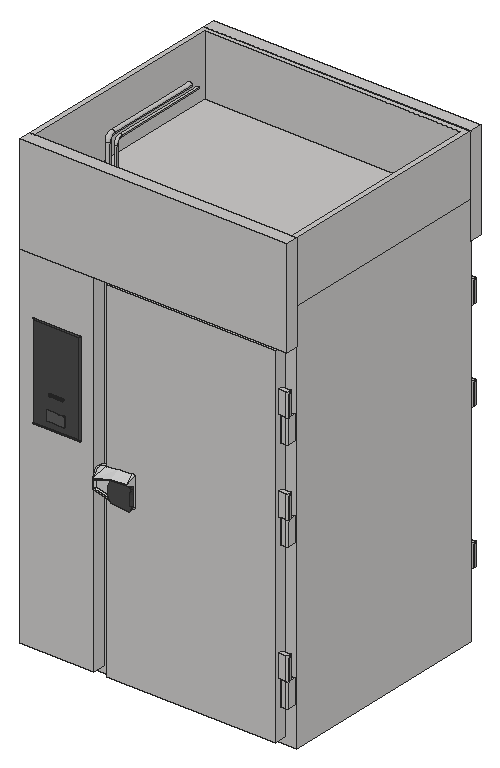
Revit family "QF_ALPENINOX_729261_ABFA22RPE", category Specialty Equipment, Revit 2018
Family settings
  Round Connector Dimension = Use Radius
  Part Type = Normal
  Work Plane-Based = No
  Always vertical = Yes
  Cut with Voids When Loaded = No
  Shared = Yes
  Room Calculation Point = No
Parameters (values of type "QF_ALPENINOX_729261_ABFA22RPE.rfa")
  Weight = 438.00 kg
  Watts = 209.032 W
  Volts = 380 V
  URL Manufacturer = "http://www.alpeninox.com"
  URL = "http://www.alpeninox.com"
  Steam Supply Size = 0"
  Steam Supply Minimum Pressure = 0.00 psi
  Steam Supply Maximum Pressure = 0.00 psi
  Steam Pounds per Hour = 0
  Show Logo [instance] = yes
  Refrigeration Suction Line Size = 0.03937"
  Refrigeration Liquid Line Size = 0.07218"
  Refrigerant Compressor Remote = yes
  Phase = 3
  Model = "ABFA22RPE"
  Manufacturer = "Alpeninox"
  Length Actual = 1400 mm  # constant formula
  Item Number = "729261"
  Hot Water Size = 0"
  Height Actual = 2270 mm  # constant formula
  HP = "3 HP"
  Gas Size = 0"
  Gas KW = 0
  Gas Input Pressure = 0.0 Btu/h
  Description = "CRIO CHILL BLAST CHILLER FREEZER 200/170KG 20 GN 2/1 - PASS-THROUGH - REMOTE REFRIGERATING UNIT"
  Depth Actual = 1395 mm  # constant formula
  Cycle = 60 Hz
  Condensate Return Size = 0"
  Compressed Air Volume = 0 GPM
  Compressed Air Size = 0"
  Compressed Air Pressure = 0.00 psi
  Cold Water Size = 0"
  Assembly Code = ""
  Show Clearance [instance] = yes
  Accessory = yes
Values of the unnamed type that differ from the named types
  Watts = 0 W
  Volts = 0 V
  URL Manufacturer = ""
  Item Number = ""
  HP = ""
  Cycle = 0 Hz
Reference planes
  plane 1: z = 0
  plane 2 "LEFT": x = 0
  plane 3 "RIGHT": x = 1400
  plane 4 "FRONT": y = -1205
  plane 5 "TOP": z = 2400
  plane 6 "Center Y": x = 700
  plane 7: y = -2155
  plane 8 "BACK": y = 67
  plane 9: y = -569
Forms (mm)
  Extrusion 1, solid, material "QF_Clearance", visible <- "Show Clearance", detail levels coarse
    sketch origin (0, 0, -70) x (1, 0, 0) y (0, 1, 0)
      loop
        line (0, -1205) -> (0, 67) -> (-100, 67) -> (-100, -1205) -> (0, -1205)
      loop
        line (1500, -1205) -> (1500, 67) -> (1400, 67) -> (1400, -1205) -> (1500, -1205)
    from 70 to 2670
  Extrusion 2, solid, material "QF_Finishes_Stainless Steel"
    sketch origin (349.253, 33, 630.991) x (-1, 0, 0) y (0, -1, 0)
      loop
        line (349.253, 1172.759) -> (349.253, 1238) -> (-39.747, 1238) -> (-39.747, 1172.759) -> (349.253, 1172.759)
    from -597 to 1254
  Extrusion 3, solid, material "QF_Finishes_Stainless Steel"
    sketch origin (596.16, 27.971, -70) x (1, 0, 0) y (0, 1, 0)
      loop
        line (743.84, -1172.971) -> (-141.16, -1172.971) -> (-141.16, -1232.971) -> (743.84, -1232.971) -> (743.84, -1172.971)
    from 103.991 to 1945.25
  Extrusion 4, solid, material "QF_Door-Drawer Clearances", visible <- "Show Clearance", detail levels coarse
    sketch origin (875, -72.029, -91.802) x (-1, 0, 0) y (0, -1, 0)
      loop
        line (-465, 2025.971) -> (-465, 1132.971) -> (420, 1132.971)
        arc (420, 1132.971) -> (153.836, 1754.227) -> (-465, 2025.971) r 920
    from 125.793 to 1967.052
  Extrusion 5, solid, material "QF_Finishes_Stainless Steel"
    sketch origin (0, -1139.759, 0) x (0, 1, 0) y (-1, 0, 0)
      loop
        line (1140.759, 0) -> (0.759, 0) -> (0.759, -1400) -> (1140.759, -1400) -> (1140.759, 0)
    from 0 to 2080
  Extrusion 6, solid, material "QF_Finishes_Stainless Steel"
    sketch origin (0, 0, -70) x (0, 1, 0) y (0, 0, 1)
      loop
        line (-1139, 2470) -> (-1205, 2470) -> (-1205, 1956) -> (-1139, 1956) -> (-1139, 2470)
    from 0 to 1400
  Extrusion 7, solid, material "QF_Finishes_Stainless Steel"
    sketch origin (0, -1139.759, 2080) x (0, 1, 0) y (-1, 0, 0)
      loop
        line (1140.759, 0) -> (0.759, 0) -> (0.759, -27.807) -> (1112.952, -27.807) -> (1112.952, -1372.193) -> (0.759, -1372.193) -> (0.759, -1400) -> (1140.759, -1400) -> (1140.759, 0)
    from 0 to 320
  Extrusion 8, solid, material "QF_Clearance", visible <- "Show Clearance", detail levels coarse
    sketch origin (0, 0, 2400) x (-1, 0, 0) y (0, -1, 0)
      loop
        line (0, 1205) -> (-1400, 1205) -> (-1400, -67.029) -> (0, -67.029) -> (0, 1205)
    from 0 to 200
  Extrusion 9, solid, material "QF_Finishes_Stainless Steel"
    sketch origin (-390.239, -0.977, 1172.559) x (1, 0, 0) y (0, 1, 0)
      loop
        line (1730.239, -1159.557) -> (1730.239, -1186.759) -> (1771.078, -1186.759)
        arc (1771.078, -1186.759) -> (1778.149, -1183.83) -> (1781.078, -1176.759) r 10
        line (1781.078, -1176.759) -> (1781.078, -1169.557)
        arc (1781.078, -1169.557) -> (1778.149, -1162.486) -> (1771.078, -1159.557) r 10
        line (1771.078, -1159.557) -> (1730.239, -1159.557)
    from 398 to 516
  Extrusion 10, solid, material "QF_Finishes_Stainless Steel"
    sketch origin (-388.989, -0.977, 1172.559) x (1, 0, 0) y (0, 1, 0)
      loop
        line (1779.828, -1138.023) -> (1738.215, -1138.023) -> (1738.215, -1176.759)
        arc (1738.215, -1176.759) -> (1741.143, -1183.83) -> (1748.215, -1186.759) r 10
        line (1748.215, -1186.759) -> (1769.828, -1186.759)
        arc (1769.828, -1186.759) -> (1776.899, -1183.83) -> (1779.828, -1176.759) r 10
        line (1779.828, -1176.759) -> (1779.828, -1138.023)
    from 269 to 396
  Extrusion 11, solid, material "QF_Finishes_Handrails and Railings"
    sketch origin (0, -1205, -139.705) x (-1, 0, 0) y (0, 0, 1)
      loop
        arc (-455, 1022.346) -> (-433.392, 1027.289) -> (-413, 1035.976) r 124.815
        arc (-413, 1035.976) -> (-402.037, 1046.425) -> (-398, 1061.023) r 28.412
        line (-398, 1061.023) -> (-398, 1124.287)
        arc (-398, 1124.287) -> (-402.037, 1138.885) -> (-413, 1149.334) r 28.412
        arc (-413, 1149.334) -> (-433.392, 1158.021) -> (-455, 1162.964) r 124.815
        line (-455, 1162.964) -> (-455, 1022.346)
    from 0 to 25
  Extrusion 12, solid, material "QF_Finishes_Stainless Steel"
    sketch origin (0, 67, 2400) x (0, 0, -1) y (-1, 0, 0)
      loop
        circle (190.294, -50.191) r 10
    from -2 to 0
  Extrusion 13, solid
    sketch origin (0, 0, -70) x (1, 0, 0) y (0, 1, 0)
      loop
        circle (271, -895) r 12.7
    from 180 to 190
  Sweep 14, solid, material "QF_Finishes_Stainless Steel"
    path in 3D
      loop
        line (196, -872.727, 2090) -> (196, -872.727, 2314.785)
        arc (196, -872.727, 2314.785) -> (196, -863.94, 2335.999) -> (196, -842.727, 2344.785) r 30
        line (196, -842.727, 2344.785) -> (196, -337, 2344.785)
    profile origin (196, -589.864, 2344.785) x (-1, 0, 0) y (0, 0, 1)
      loop
        circle (0, -0.785) r 11
  Sweep 15, solid, material "QF_Finishes_Stainless Steel"
    path in 3D
      loop
        line (239, -337, 2344) -> (239, -842.727, 2344)
        arc (239, -842.727, 2344) -> (239, -863.94, 2335.213) -> (239, -872.727, 2314) r 30
        line (239, -872.727, 2314) -> (239, -872.727, 2090)
    profile origin (239, -589.864, 2344) x (1, 0, 0) y (0, 0, 1)
      loop
        circle (0, 0) r 6
  Extrusion 16, solid, material "QF_Finishes_Stainless Steel"
    sketch origin (0, -1139.759, 2080) x (0, 1, 0) y (-1, 0, 0)
      loop
        line (272.791, -163.68) -> (262.791, -163.68)
        arc (262.791, -163.68) -> (252.185, -168.074) -> (247.791, -178.68) r 15
        line (247.791, -178.68) -> (247.791, -270.358)
        arc (247.791, -270.358) -> (252.185, -280.965) -> (262.791, -285.358) r 15
        line (262.791, -285.358) -> (272.791, -285.358)
        arc (272.791, -285.358) -> (283.398, -280.965) -> (287.791, -270.358) r 15
        line (287.791, -270.358) -> (287.791, -178.68)
        arc (287.791, -178.68) -> (283.398, -168.074) -> (272.791, -163.68) r 15
    from 0 to 10
  Blend 17, solid, material "QF_Finishes_Handrails and Railings"
    base sketch origin (0, -1205, -139.705) x (1, 0, 0) y (0, 0, 1)
      loop
        arc (455, 1162.964) -> (433.392, 1158.021) -> (413, 1149.334) r 124.815
        arc (413, 1149.334) -> (402.037, 1138.885) -> (398, 1124.287) r 28.412
        line (398, 1124.287) -> (398, 1061.023)
        arc (398, 1061.023) -> (402.037, 1046.425) -> (413, 1035.976) r 28.412
        arc (413, 1035.976) -> (433.392, 1027.289) -> (455, 1022.346) r 124.815
        arc (455, 1022.346) -> (524.77, 1014.896) -> (594.859, 1011.587) r 1185.63
        arc (594.859, 1011.587) -> (600.607, 1013.879) -> (603, 1019.586) r 8
        line (603, 1019.586) -> (603, 1165.724)
        arc (603, 1165.724) -> (600.607, 1171.431) -> (594.859, 1173.723) r 8
        arc (594.859, 1173.723) -> (524.77, 1170.414) -> (455, 1162.964) r 1185.63
    top sketch origin (0, -1205, -139.705) x (1, 0, 0) y (0, 0, 1)
      loop
        line (421, 1108.337) -> (421, 1076.973)
        arc (421, 1076.973) -> (423.295, 1069.915) -> (429.302, 1065.557) r 12
        arc (429.302, 1065.557) -> (515.086, 1044.22) -> (603, 1034.974) r 636.459
        line (603, 1034.974) -> (603, 1150.336)
        arc (603, 1150.336) -> (515.086, 1141.09) -> (429.302, 1119.753) r 636.459
        arc (429.302, 1119.753) -> (423.295, 1115.395) -> (421, 1108.337) r 12
    from 0 to 50
  Blend 18, void
    base sketch origin (0, -1255, -139.705) x (-1, 0, 0) y (0, 0, 1)
      loop
        arc (-430.843, 1114.996) -> (-515.866, 1136.151) -> (-603, 1145.333) r 631.459
        line (-603, 1145.333) -> (-603, 1039.977)
        arc (-603, 1039.977) -> (-515.866, 1049.159) -> (-430.843, 1070.314) r 631.459
        arc (-430.843, 1070.314) -> (-427.339, 1072.856) -> (-426, 1076.973) r 7
        line (-426, 1076.973) -> (-426, 1108.337)
        arc (-426, 1108.337) -> (-427.339, 1112.454) -> (-430.843, 1114.996) r 7
    top sketch origin (0, -1255, -139.705) x (-1, 0, 0) y (0, 0, 1)
      loop
        arc (-432.384, 1110.24) -> (-516.647, 1131.211) -> (-603, 1140.33) r 626.459
        line (-603, 1140.33) -> (-603, 1044.98)
        arc (-603, 1044.98) -> (-516.647, 1054.099) -> (-432.384, 1075.07) r 626.459
        arc (-432.384, 1075.07) -> (-431.382, 1075.797) -> (-431, 1076.973) r 2
        line (-431, 1076.973) -> (-431, 1108.337)
        arc (-431, 1108.337) -> (-431.382, 1109.513) -> (-432.384, 1110.24) r 2
    from 0 to 10
  Blend 19, solid, material "QF_Finishes_Black"
    base sketch origin (0, -1245, -139.705) x (1, 0, 0) y (0, 0, 1)
      loop
        arc (628.567, 1043.419) -> (622.014, 1092.655) -> (628.567, 1141.89) r 188.232
        arc (628.567, 1141.89) -> (627.358, 1147.991) -> (621.77, 1150.721) r 7
        arc (621.77, 1150.721) -> (572.304, 1148.509) -> (523.16, 1142.458) r 636.459
        arc (523.16, 1142.458) -> (507.711, 1092.655) -> (523.16, 1042.852) r 88
        arc (523.16, 1042.852) -> (572.304, 1036.801) -> (621.77, 1034.589) r 636.459
        arc (621.77, 1034.589) -> (627.358, 1037.319) -> (628.567, 1043.419) r 7
    top sketch origin (0, -1245, -139.705) x (1, 0, 0) y (0, 0, 1)
      loop
        arc (626.748, 1050.703) -> (622.014, 1092.655) -> (626.748, 1134.607) r 188.232
        arc (626.748, 1134.607) -> (625.775, 1138.85) -> (621.845, 1140.722) r 5
        arc (621.845, 1140.722) -> (569.023, 1138.185) -> (516.603, 1131.203) r 626.459
        arc (516.603, 1131.203) -> (507.711, 1092.655) -> (516.603, 1054.107) r 88
        arc (516.603, 1054.107) -> (569.023, 1047.124) -> (621.845, 1044.588) r 626.459
        arc (621.845, 1044.588) -> (625.775, 1046.46) -> (626.748, 1050.703) r 5
    from 20 to 0
  Extrusion 20, solid, material "QF_Finishes_Stainless Steel"
    sketch origin (-390.239, -0.977, 692.559) x (1, 0, 0) y (0, 1, 0)
      loop
        line (1730.239, -1159.557) -> (1730.239, -1186.759) -> (1771.078, -1186.759)
        arc (1771.078, -1186.759) -> (1778.149, -1183.83) -> (1781.078, -1176.759) r 10
        line (1781.078, -1176.759) -> (1781.078, -1169.557)
        arc (1781.078, -1169.557) -> (1778.149, -1162.486) -> (1771.078, -1159.557) r 10
        line (1771.078, -1159.557) -> (1730.239, -1159.557)
    from 398 to 516
  Extrusion 21, solid, material "QF_Finishes_Stainless Steel"
    sketch origin (-388.989, -0.977, 692.559) x (1, 0, 0) y (0, 1, 0)
      loop
        line (1779.828, -1138.023) -> (1738.215, -1138.023) -> (1738.215, -1176.759)
        arc (1738.215, -1176.759) -> (1741.143, -1183.83) -> (1748.215, -1186.759) r 10
        line (1748.215, -1186.759) -> (1769.828, -1186.759)
        arc (1769.828, -1186.759) -> (1776.899, -1183.83) -> (1779.828, -1176.759) r 10
        line (1779.828, -1176.759) -> (1779.828, -1138.023)
    from 269 to 396
  Extrusion 22, solid, material "QF_Finishes_Stainless Steel"
    sketch origin (-390.239, -0.977, -67.441) x (1, 0, 0) y (0, 1, 0)
      loop
        line (1730.239, -1159.557) -> (1730.239, -1186.759) -> (1771.078, -1186.759)
        arc (1771.078, -1186.759) -> (1778.149, -1183.83) -> (1781.078, -1176.759) r 10
        line (1781.078, -1176.759) -> (1781.078, -1169.557)
        arc (1781.078, -1169.557) -> (1778.149, -1162.486) -> (1771.078, -1159.557) r 10
        line (1771.078, -1159.557) -> (1730.239, -1159.557)
    from 398 to 516
  Extrusion 23, solid, material "QF_Finishes_Stainless Steel"
    sketch origin (-388.989, -0.977, -67.441) x (1, 0, 0) y (0, 1, 0)
      loop
        line (1779.828, -1138.023) -> (1738.215, -1138.023) -> (1738.215, -1176.759)
        arc (1738.215, -1176.759) -> (1741.143, -1183.83) -> (1748.215, -1186.759) r 10
        line (1748.215, -1186.759) -> (1769.828, -1186.759)
        arc (1769.828, -1186.759) -> (1776.899, -1183.83) -> (1779.828, -1176.759) r 10
        line (1779.828, -1176.759) -> (1779.828, -1138.023)
    from 269 to 396
  Extrusion 24, solid, material "QF_Door-Drawer Clearances", visible <- "Show Clearance", detail levels coarse
    sketch origin (167.029, -1956.84, -70) x (0, 1, 0) y (-1, 0, 0)
      loop
        line (751.84, -1172.971) -> (-141.16, -1172.971) -> (-141.16, -1232.971) -> (751.84, -1232.971) -> (751.84, -1172.971)
    from 103.991 to 1945.25
  Extrusion 25, solid, material "QF_Door-Drawer Clearances", visible <- "Show Clearance", detail levels coarse
    sketch origin (1400, -2553, -139.705) x (0, -1, 0) y (0, 0, 1)
      loop
        arc (-455, 1022.346) -> (-433.392, 1027.289) -> (-413, 1035.976) r 124.815
        arc (-413, 1035.976) -> (-402.037, 1046.425) -> (-398, 1061.023) r 28.412
        line (-398, 1061.023) -> (-398, 1124.287)
        arc (-398, 1124.287) -> (-402.037, 1138.885) -> (-413, 1149.334) r 28.412
        arc (-413, 1149.334) -> (-433.392, 1158.021) -> (-455, 1162.964) r 124.815
        line (-455, 1162.964) -> (-455, 1022.346)
    from 0 to 25
  Blend 26, solid, material "QF_Door-Drawer Clearances", visible <- "Show Clearance", detail levels coarse
    base sketch origin (1400, -2553, -139.705) x (0, 1, 0) y (0, 0, 1)
      loop
        arc (455, 1162.964) -> (433.392, 1158.021) -> (413, 1149.334) r 124.815
        arc (413, 1149.334) -> (402.037, 1138.885) -> (398, 1124.287) r 28.412
        line (398, 1124.287) -> (398, 1061.023)
        arc (398, 1061.023) -> (402.037, 1046.425) -> (413, 1035.976) r 28.412
        arc (413, 1035.976) -> (433.392, 1027.289) -> (455, 1022.346) r 124.815
        arc (455, 1022.346) -> (524.77, 1014.896) -> (594.859, 1011.587) r 1185.63
        arc (594.859, 1011.587) -> (600.607, 1013.879) -> (603, 1019.586) r 8
        line (603, 1019.586) -> (603, 1165.724)
        arc (603, 1165.724) -> (600.607, 1171.431) -> (594.859, 1173.723) r 8
        arc (594.859, 1173.723) -> (524.77, 1170.414) -> (455, 1162.964) r 1185.63
    top sketch origin (1400, -2553, -139.705) x (0, 1, 0) y (0, 0, 1)
      loop
        line (421, 1108.337) -> (421, 1076.973)
        arc (421, 1076.973) -> (423.295, 1069.915) -> (429.302, 1065.557) r 12
        arc (429.302, 1065.557) -> (515.086, 1044.22) -> (603, 1034.974) r 636.459
        line (603, 1034.974) -> (603, 1150.336)
        arc (603, 1150.336) -> (515.086, 1141.09) -> (429.302, 1119.753) r 636.459
        arc (429.302, 1119.753) -> (423.295, 1115.395) -> (421, 1108.337) r 12
    from 0 to 50
  Blend 27, void
    base sketch origin (1450, -2553, -139.705) x (0, -1, 0) y (0, 0, 1)
      loop
        arc (-430.843, 1114.996) -> (-515.866, 1136.151) -> (-603, 1145.333) r 631.459
        line (-603, 1145.333) -> (-603, 1039.977)
        arc (-603, 1039.977) -> (-515.866, 1049.159) -> (-430.843, 1070.314) r 631.459
        arc (-430.843, 1070.314) -> (-427.339, 1072.856) -> (-426, 1076.973) r 7
        line (-426, 1076.973) -> (-426, 1108.337)
        arc (-426, 1108.337) -> (-427.339, 1112.454) -> (-430.843, 1114.996) r 7
    top sketch origin (1450, -2553, -139.705) x (0, -1, 0) y (0, 0, 1)
      loop
        arc (-432.384, 1110.24) -> (-516.647, 1131.211) -> (-603, 1140.33) r 626.459
        line (-603, 1140.33) -> (-603, 1044.98)
        arc (-603, 1044.98) -> (-516.647, 1054.099) -> (-432.384, 1075.07) r 626.459
        arc (-432.384, 1075.07) -> (-431.382, 1075.797) -> (-431, 1076.973) r 2
        line (-431, 1076.973) -> (-431, 1108.337)
        arc (-431, 1108.337) -> (-431.382, 1109.513) -> (-432.384, 1110.24) r 2
    from 0 to 10
  Blend 28, solid, material "QF_Door-Drawer Clearances", visible <- "Show Clearance", detail levels coarse
    base sketch origin (1440, -2553, -139.705) x (0, 1, 0) y (0, 0, 1)
      loop
        arc (628.567, 1043.419) -> (622.014, 1092.655) -> (628.567, 1141.89) r 188.232
        arc (628.567, 1141.89) -> (627.358, 1147.991) -> (621.77, 1150.721) r 7
        arc (621.77, 1150.721) -> (572.304, 1148.509) -> (523.16, 1142.458) r 636.459
        arc (523.16, 1142.458) -> (507.711, 1092.655) -> (523.16, 1042.852) r 88
        arc (523.16, 1042.852) -> (572.304, 1036.801) -> (621.77, 1034.589) r 636.459
        arc (621.77, 1034.589) -> (627.358, 1037.319) -> (628.567, 1043.419) r 7
    top sketch origin (1440, -2553, -139.705) x (0, 1, 0) y (0, 0, 1)
      loop
        arc (626.748, 1050.703) -> (622.014, 1092.655) -> (626.748, 1134.607) r 188.232
        arc (626.748, 1134.607) -> (625.775, 1138.85) -> (621.845, 1140.722) r 5
        arc (621.845, 1140.722) -> (569.023, 1138.185) -> (516.603, 1131.203) r 626.459
        arc (516.603, 1131.203) -> (507.711, 1092.655) -> (516.603, 1054.107) r 88
        arc (516.603, 1054.107) -> (569.023, 1047.124) -> (621.845, 1044.588) r 626.459
        arc (621.845, 1044.588) -> (625.775, 1046.46) -> (626.748, 1050.703) r 5
    from 20 to -1
  Extrusion 29, solid, material "QF_Finishes_Stainless Steel"
    sketch origin (349.253, -1171, 630.991) x (-1, 0, 0) y (0, -1, 0)
      loop
        line (349.253, -1172.759) -> (-39.747, -1172.759) -> (-39.747, -1238) -> (349.253, -1238) -> (349.253, -1172.759)
    from -597 to 1254
  Extrusion 30, solid, material "QF_Finishes_Stainless Steel"
    sketch origin (596.16, -1165.971, -70) x (1, 0, 0) y (0, 1, 0)
      loop
        line (743.84, 1172.971) -> (743.84, 1232.971) -> (-141.16, 1232.971) -> (-141.16, 1172.971) -> (743.84, 1172.971)
    from 103.991 to 1945.25
  Extrusion 31, solid, material "QF_Door-Drawer Clearances", visible <- "Show Clearance", detail levels coarse
    sketch origin (875, -1065.971, -91.802) x (-1, 0, 0) y (0, -1, 0)
      loop
        arc (-465, -2025.971) -> (153.836, -1754.227) -> (420, -1132.971) r 920
        line (420, -1132.971) -> (-465, -1132.971) -> (-465, -2025.971)
    from 125.793 to 1967.052
  Extrusion 32, solid, material "QF_Finishes_Stainless Steel"
    sketch origin (0, -1138, -70) x (0, -1, 0) y (0, 0, -1)
      loop
        line (-1139, -2470) -> (-1139, -1956) -> (-1205, -1956) -> (-1205, -2470) -> (-1139, -2470)
    from 0 to 1400
  Extrusion 33, solid, material "QF_Finishes_Stainless Steel"
    sketch origin (-390.239, -1137.023, 1172.559) x (1, 0, 0) y (0, 1, 0)
      loop
        line (1730.239, 1159.557) -> (1771.078, 1159.557)
        arc (1771.078, 1159.557) -> (1778.149, 1162.486) -> (1781.078, 1169.557) r 10
        line (1781.078, 1169.557) -> (1781.078, 1176.759)
        arc (1781.078, 1176.759) -> (1778.149, 1183.83) -> (1771.078, 1186.759) r 10
        line (1771.078, 1186.759) -> (1730.239, 1186.759) -> (1730.239, 1159.557)
    from 398 to 516
  Extrusion 34, solid, material "QF_Finishes_Handrails and Railings"
    sketch origin (0, 67, -139.705) x (-1, 0, 0) y (0, 0, -1)
      loop
        line (-455, -1022.346) -> (-455, -1162.964)
        arc (-455, -1162.964) -> (-433.392, -1158.021) -> (-413, -1149.334) r 124.815
        arc (-413, -1149.334) -> (-402.037, -1138.885) -> (-398, -1124.287) r 28.412
        line (-398, -1124.287) -> (-398, -1061.023)
        arc (-398, -1061.023) -> (-402.037, -1046.425) -> (-413, -1035.976) r 28.412
        arc (-413, -1035.976) -> (-433.392, -1027.289) -> (-455, -1022.346) r 124.815
    from 0 to 25
  Blend 35, solid, material "QF_Finishes_Handrails and Railings"
    base sketch origin (0, 67, -139.705) x (1, 0, 0) y (0, 0, -1)
      loop
        arc (455, -1162.964) -> (524.77, -1170.414) -> (594.859, -1173.723) r 1185.63
        arc (594.859, -1173.723) -> (600.607, -1171.431) -> (603, -1165.724) r 8
        line (603, -1165.724) -> (603, -1019.586)
        arc (603, -1019.586) -> (600.607, -1013.879) -> (594.859, -1011.587) r 8
        arc (594.859, -1011.587) -> (524.77, -1014.896) -> (455, -1022.346) r 1185.63
        arc (455, -1022.346) -> (433.392, -1027.289) -> (413, -1035.976) r 124.815
        arc (413, -1035.976) -> (402.037, -1046.425) -> (398, -1061.023) r 28.412
        line (398, -1061.023) -> (398, -1124.287)
        arc (398, -1124.287) -> (402.037, -1138.885) -> (413, -1149.334) r 28.412
        arc (413, -1149.334) -> (433.392, -1158.021) -> (455, -1162.964) r 124.815
    top sketch origin (0, 67, -139.705) x (1, 0, 0) y (0, 0, -1)
      loop
        arc (421, -1108.337) -> (423.295, -1115.395) -> (429.302, -1119.753) r 12
        arc (429.302, -1119.753) -> (515.086, -1141.09) -> (603, -1150.336) r 636.459
        line (603, -1150.336) -> (603, -1034.974)
        arc (603, -1034.974) -> (515.086, -1044.22) -> (429.302, -1065.557) r 636.459
        arc (429.302, -1065.557) -> (423.295, -1069.915) -> (421, -1076.973) r 12
        line (421, -1076.973) -> (421, -1108.337)
    from 0 to 50
  Blend 36, void
    base sketch origin (0, 117, -139.705) x (-1, 0, 0) y (0, 0, -1)
      loop
        arc (-430.843, -1114.996) -> (-427.339, -1112.454) -> (-426, -1108.337) r 7
        line (-426, -1108.337) -> (-426, -1076.973)
        arc (-426, -1076.973) -> (-427.339, -1072.856) -> (-430.843, -1070.314) r 7
        arc (-430.843, -1070.314) -> (-515.866, -1049.159) -> (-603, -1039.977) r 631.459
        line (-603, -1039.977) -> (-603, -1145.333)
        arc (-603, -1145.333) -> (-515.866, -1136.151) -> (-430.843, -1114.996) r 631.459
    top sketch origin (0, 117, -139.705) x (-1, 0, 0) y (0, 0, -1)
      loop
        arc (-432.384, -1110.24) -> (-431.382, -1109.513) -> (-431, -1108.337) r 2
        line (-431, -1108.337) -> (-431, -1076.973)
        arc (-431, -1076.973) -> (-431.382, -1075.797) -> (-432.384, -1075.07) r 2
        arc (-432.384, -1075.07) -> (-516.647, -1054.099) -> (-603, -1044.98) r 626.459
        line (-603, -1044.98) -> (-603, -1140.33)
        arc (-603, -1140.33) -> (-516.647, -1131.211) -> (-432.384, -1110.24) r 626.459
    from 0 to 10
  Blend 37, solid, material "QF_Finishes_Black"
    base sketch origin (0, 107, -139.705) x (1, 0, 0) y (0, 0, -1)
      loop
        arc (628.567, -1043.419) -> (627.358, -1037.319) -> (621.77, -1034.589) r 7
        arc (621.77, -1034.589) -> (572.304, -1036.801) -> (523.16, -1042.852) r 636.459
        arc (523.16, -1042.852) -> (507.711, -1092.655) -> (523.16, -1142.458) r 88
        arc (523.16, -1142.458) -> (572.304, -1148.509) -> (621.77, -1150.721) r 636.459
        arc (621.77, -1150.721) -> (627.358, -1147.991) -> (628.567, -1141.89) r 7
        arc (628.567, -1141.89) -> (622.014, -1092.655) -> (628.567, -1043.419) r 188.232
    top sketch origin (0, 107, -139.705) x (1, 0, 0) y (0, 0, -1)
      loop
        arc (626.748, -1050.703) -> (625.775, -1046.46) -> (621.845, -1044.588) r 5
        arc (621.845, -1044.588) -> (569.023, -1047.124) -> (516.603, -1054.107) r 626.459
        arc (516.603, -1054.107) -> (507.711, -1092.655) -> (516.603, -1131.203) r 88
        arc (516.603, -1131.203) -> (569.023, -1138.185) -> (621.845, -1140.722) r 626.459
        arc (621.845, -1140.722) -> (625.775, -1138.85) -> (626.748, -1134.607) r 5
        arc (626.748, -1134.607) -> (622.014, -1092.655) -> (626.748, -1050.703) r 188.232
    from 20 to 0
  Extrusion 38, solid, material "QF_Finishes_Stainless Steel"
    sketch origin (-390.239, -1137.023, 692.559) x (1, 0, 0) y (0, 1, 0)
      loop
        line (1730.239, 1159.557) -> (1771.078, 1159.557)
        arc (1771.078, 1159.557) -> (1778.149, 1162.486) -> (1781.078, 1169.557) r 10
        line (1781.078, 1169.557) -> (1781.078, 1176.759)
        arc (1781.078, 1176.759) -> (1778.149, 1183.83) -> (1771.078, 1186.759) r 10
        line (1771.078, 1186.759) -> (1730.239, 1186.759) -> (1730.239, 1159.557)
    from 398 to 516
  Extrusion 39, solid, material "QF_Finishes_Stainless Steel"
    sketch origin (-390.239, -1137.023, -67.441) x (1, 0, 0) y (0, 1, 0)
      loop
        line (1730.239, 1159.557) -> (1771.078, 1159.557)
        arc (1771.078, 1159.557) -> (1778.149, 1162.486) -> (1781.078, 1169.557) r 10
        line (1781.078, 1169.557) -> (1781.078, 1176.759)
        arc (1781.078, 1176.759) -> (1778.149, 1183.83) -> (1771.078, 1186.759) r 10
        line (1771.078, 1186.759) -> (1730.239, 1186.759) -> (1730.239, 1159.557)
    from 398 to 516
  Extrusion 40, solid, material "QF_Door-Drawer Clearances", visible <- "Show Clearance", detail levels coarse
    sketch origin (167.029, 818.84, -70) x (0, -1, 0) y (1, 0, 0)
      loop
        line (751.84, 1172.971) -> (751.84, 1232.971) -> (-141.16, 1232.971) -> (-141.16, 1172.971) -> (751.84, 1172.971)
    from 103.991 to 1945.25
  Extrusion 41, solid, material "QF_Door-Drawer Clearances", visible <- "Show Clearance", detail levels coarse
    sketch origin (1400, 1415, -139.705) x (0, 1, 0) y (0, 0, -1)
      loop
        line (-455, -1022.346) -> (-455, -1162.964)
        arc (-455, -1162.964) -> (-433.392, -1158.021) -> (-413, -1149.334) r 124.815
        arc (-413, -1149.334) -> (-402.037, -1138.885) -> (-398, -1124.287) r 28.412
        line (-398, -1124.287) -> (-398, -1061.023)
        arc (-398, -1061.023) -> (-402.037, -1046.425) -> (-413, -1035.976) r 28.412
        arc (-413, -1035.976) -> (-433.392, -1027.289) -> (-455, -1022.346) r 124.815
    from 0 to 25
  Blend 42, solid, material "QF_Door-Drawer Clearances", visible <- "Show Clearance", detail levels coarse
    base sketch origin (1400, 1415, -139.705) x (0, -1, 0) y (0, 0, -1)
      loop
        arc (455, -1162.964) -> (524.77, -1170.414) -> (594.859, -1173.723) r 1185.63
        arc (594.859, -1173.723) -> (600.607, -1171.431) -> (603, -1165.724) r 8
        line (603, -1165.724) -> (603, -1019.586)
        arc (603, -1019.586) -> (600.607, -1013.879) -> (594.859, -1011.587) r 8
        arc (594.859, -1011.587) -> (524.77, -1014.896) -> (455, -1022.346) r 1185.63
        arc (455, -1022.346) -> (433.392, -1027.289) -> (413, -1035.976) r 124.815
        arc (413, -1035.976) -> (402.037, -1046.425) -> (398, -1061.023) r 28.412
        line (398, -1061.023) -> (398, -1124.287)
        arc (398, -1124.287) -> (402.037, -1138.885) -> (413, -1149.334) r 28.412
        arc (413, -1149.334) -> (433.392, -1158.021) -> (455, -1162.964) r 124.815
    top sketch origin (1400, 1415, -139.705) x (0, -1, 0) y (0, 0, -1)
      loop
        arc (421, -1108.337) -> (423.295, -1115.395) -> (429.302, -1119.753) r 12
        arc (429.302, -1119.753) -> (515.086, -1141.09) -> (603, -1150.336) r 636.459
        line (603, -1150.336) -> (603, -1034.974)
        arc (603, -1034.974) -> (515.086, -1044.22) -> (429.302, -1065.557) r 636.459
        arc (429.302, -1065.557) -> (423.295, -1069.915) -> (421, -1076.973) r 12
        line (421, -1076.973) -> (421, -1108.337)
    from 0 to 50
  Blend 43, void
    base sketch origin (1450, 1415, -139.705) x (0, 1, 0) y (0, 0, -1)
      loop
        arc (-430.843, -1114.996) -> (-427.339, -1112.454) -> (-426, -1108.337) r 7
        line (-426, -1108.337) -> (-426, -1076.973)
        arc (-426, -1076.973) -> (-427.339, -1072.856) -> (-430.843, -1070.314) r 7
        arc (-430.843, -1070.314) -> (-515.866, -1049.159) -> (-603, -1039.977) r 631.459
        line (-603, -1039.977) -> (-603, -1145.333)
        arc (-603, -1145.333) -> (-515.866, -1136.151) -> (-430.843, -1114.996) r 631.459
    top sketch origin (1450, 1415, -139.705) x (0, 1, 0) y (0, 0, -1)
      loop
        arc (-432.384, -1110.24) -> (-431.382, -1109.513) -> (-431, -1108.337) r 2
        line (-431, -1108.337) -> (-431, -1076.973)
        arc (-431, -1076.973) -> (-431.382, -1075.797) -> (-432.384, -1075.07) r 2
        arc (-432.384, -1075.07) -> (-516.647, -1054.099) -> (-603, -1044.98) r 626.459
        line (-603, -1044.98) -> (-603, -1140.33)
        arc (-603, -1140.33) -> (-516.647, -1131.211) -> (-432.384, -1110.24) r 626.459
    from 0 to 10
  Blend 44, solid, material "QF_Door-Drawer Clearances", visible <- "Show Clearance", detail levels coarse
    base sketch origin (1440, 1415, -139.705) x (0, -1, 0) y (0, 0, -1)
      loop
        arc (628.567, -1043.419) -> (627.358, -1037.319) -> (621.77, -1034.589) r 7
        arc (621.77, -1034.589) -> (572.304, -1036.801) -> (523.16, -1042.852) r 636.459
        arc (523.16, -1042.852) -> (507.711, -1092.655) -> (523.16, -1142.458) r 88
        arc (523.16, -1142.458) -> (572.304, -1148.509) -> (621.77, -1150.721) r 636.459
        arc (621.77, -1150.721) -> (627.358, -1147.991) -> (628.567, -1141.89) r 7
        arc (628.567, -1141.89) -> (622.014, -1092.655) -> (628.567, -1043.419) r 188.232
    top sketch origin (1440, 1415, -139.705) x (0, -1, 0) y (0, 0, -1)
      loop
        arc (626.748, -1050.703) -> (625.775, -1046.46) -> (621.845, -1044.588) r 5
        arc (621.845, -1044.588) -> (569.023, -1047.124) -> (516.603, -1054.107) r 626.459
        arc (516.603, -1054.107) -> (507.711, -1092.655) -> (516.603, -1131.203) r 88
        arc (516.603, -1131.203) -> (569.023, -1138.185) -> (621.845, -1140.722) r 626.459
        arc (621.845, -1140.722) -> (625.775, -1138.85) -> (626.748, -1134.607) r 5
        arc (626.748, -1134.607) -> (622.014, -1092.655) -> (626.748, -1050.703) r 188.232
    from 20 to -1
Cuts and joins
  Blend 36 cuts Extrusion 11
  Blend 18, Blend 36 cuts Blend 17
  joined: Extrusion 11, Blend 17
  Blend 18, Blend 36, Blend 43 cuts Extrusion 4
  Blend 36, Blend 43 cuts Extrusion 24
  Blend 36, Blend 43 cuts Extrusion 25
  Blend 27, Blend 36, Blend 43 cuts Blend 26
  Blend 27, Blend 36, Blend 43 cuts Blend 28
  joined: Extrusion 4, Extrusion 24, Extrusion 25, Blend 26, Blend 28
  joined: Extrusion 7, Extrusion 12
  joined: Extrusion 5, Extrusion 10, Sweep 14, Sweep 15, Extrusion 16, Extrusion 21, Extrusion 23
  joined: Extrusion 3, Extrusion 9, Extrusion 20, Extrusion 22
  joined: Extrusion 1, Extrusion 8
  Blend 36 cuts Extrusion 31
  Blend 43 cuts Blend 42
  Blend 43 cuts Blend 44
  joined: Extrusion 31, Extrusion 40, Extrusion 41, Blend 42, Blend 44
  Blend 36 cuts Blend 35
Lines and regions (mm)
  symbolic lines, style "QF-Clearances", visible <- "Show Clearance", detail levels coarse
    curve 1: line (-100, -1204.241, 70) -> (-100, 66.241, 70)
    curve 2: line (1500, 66.241, 0) -> (1500, -1204.241, 0)
  symbolic lines
    curve 3: line (185, -336.968, 0) -> (207, -336.968, 0)
    curve 4: line (207, -336.968, 0) -> (207, -871.942, 0)
    curve 5: line (233, -872.727, 0) -> (233, -337, 0)
    curve 6: line (233, -337, 0) -> (245, -337, 0)
    curve 7: line (245, -337, 0) -> (245, -872.727, 0)
    curve 8: line (245, -851.968, 0) -> (270.358, -851.968, 0)
    curve 9: arc (285.358, -866.968, 0) -> (280.965, -856.361, 0) -> (270.358, -851.968, 0) r 15
    curve 10: line (285.358, -876.968, 0) -> (285.358, -866.968, 0)
    curve 11: arc (270.358, -891.968, 0) -> (280.965, -887.575, 0) -> (285.358, -876.968, 0) r 15
    curve 12: line (178.68, -891.968, 0) -> (270.358, -891.968, 0)
    curve 13: arc (163.68, -876.968, 0) -> (168.074, -887.575, 0) -> (178.68, -891.968, 0) r 15
    curve 14: line (163.68, -866.968, 0) -> (163.68, -876.968, 0)
    curve 15: arc (178.68, -851.968, 0) -> (168.074, -856.361, 0) -> (163.68, -866.968, 0) r 15
    curve 16: arc (207, -871.942, 0) -> (196, -882.942, 0) -> (185, -871.942, 0) r 11
    curve 17: arc (233, -872.727, 0) -> (239, -878.727, 0) -> (245, -872.727, 0) r 6
    curve 18: line (178.68, -851.968, 0) -> (185, -851.968, 0)
    curve 19: line (185, -336.968, 0) -> (185, -871.942, 0)
    curve 20: line (207, -851.968, 0) -> (233, -851.968, 0)
    curve 21: line (0, 1, 0) -> (1400, 1, 0)
    curve 22: line (0, -1205, 0) -> (0, 67, 0)
    curve 23: line (1400, -1205, 0) -> (0, -1205, 0)
    curve 24: line (1400, 67, 0) -> (1400, -1205, 0)
    curve 25: line (27.807, -26.807, 0) -> (1372.193, -26.807, 0)
    curve 26: line (27.807, -1139, 0) -> (27.807, -26.807, 0)
    curve 27: line (1400, -1139, 0) -> (0, -1139, 0)
    curve 28: line (1372.193, -26.807, 0) -> (1372.193, -1139, 0)
    curve 29: line (75.5, -1210, 0) -> (313.5, -1210, 0)
    curve 30: line (75.5, -1210, 0) -> (67.5, -1205, 0)
    curve 31: line (313.5, -1210, 0) -> (321.5, -1205, 0)
    curve 32: line (421, -1255, 0) -> (398, -1205, 0)
    curve 33: line (421, -1255, 0) -> (603, -1255, 0)
    curve 34: line (603, -1255, 0) -> (603, -1205, 0)
    curve 35: line (603, -1245, 0) -> (626.748, -1245, 0)
    curve 36: line (626.748, -1245, 0) -> (628.811, -1265, 0)
    curve 37: line (628.811, -1265, 0) -> (507.711, -1265, 0)
    curve 38: line (507.711, -1265, 0) -> (507.711, -1255, 0)
    curve 58: line (1400, 67, 0) -> (0, 67, 0)
    curve 59: line (1400, 1, 0) -> (0, 1, 0)
    curve 60: line (421, 117, 0) -> (398, 67, 0)
    curve 61: line (421, 117, 0) -> (603, 117, 0)
    curve 62: line (603, 117, 0) -> (603, 67, 0)
    curve 63: line (603, 107, 0) -> (626.748, 107, 0)
    curve 64: line (626.748, 107, 0) -> (628.811, 127, 0)
    curve 65: line (628.811, 127, 0) -> (507.711, 127, 0)
    curve 66: line (507.711, 127, 0) -> (507.711, 117, 0)
  symbolic lines, style "QF_Door-Drawer Clearances", visible <- "Show Clearance"
    curve 39: line (1450, -2132, 0) -> (1400, -2155, 0)
    curve 40: line (1450, -2132, 0) -> (1450, -1950, 0)
    curve 41: line (1450, -1950, 0) -> (1400, -1950, 0)
    curve 42: line (1439, -1950, 0) -> (1439, -1926.126, 0)
    curve 43: line (1439, -1926.126, 0) -> (1460, -1924.189, 0)
    curve 44: line (1460, -1924.189, 0) -> (1460, -2045.289, 0)
    curve 45: line (1460, -2045.289, 0) -> (1450, -2045.289, 0)
    curve 46: line (1375, -2098, 0) -> (1375, -2155, 0)
    curve 47: line (1340, -2098, 0) -> (1400, -2098, 0)
    curve 48: arc (457.796, -1255, 0) -> (739.031, -1843.801, 0) -> (1340, -2098, 0) r 920
    curve 49: line (1400, -2155, 0) -> (1375, -2155, 0)
    curve 50: line (1400, -2098, 0) -> (1400, -1205, 0)
    curve 57: line (1340, -2098, 0) -> (1340, -1205, 0)
    curve 67: arc (457.796, 117, 0) -> (739.031, 705.801, 0) -> (1340, 960, 0) r 920
    curve 68: line (1400, 960, 0) -> (1400, 67, 0)
    curve 69: line (1340, 960, 0) -> (1340, 67, 0)
    curve 70: line (1340, 960, 70) -> (1400, 960, 70)
    curve 71: line (1450, 994, 0) -> (1400, 1017, 0)
    curve 72: line (1450, 994, 0) -> (1450, 812, 0)
    curve 73: line (1450, 812, 0) -> (1400, 812, 0)
    curve 74: line (1439, 812, 0) -> (1439, 788.126, 0)
    curve 75: line (1439, 788.126, 0) -> (1460, 786.189, 0)
    curve 76: line (1460, 786.189, 0) -> (1460, 907.289, 0)
    curve 77: line (1460, 907.289, 0) -> (1450, 907.289, 0)
    curve 78: line (1375, 960, 0) -> (1375, 1017, 0)
    curve 79: line (1340, 960, 0) -> (1375, 960, 0)
    curve 80: line (1400, 1017, 0) -> (1375, 1017, 0)
  sketch lines
    curve 51: line (196, -842.727, 2344.785) -> (196, -337, 2344.785)
    curve 52: arc (196, -872.727, 2314.785) -> (196, -863.94, 2335.999) -> (196, -842.727, 2344.785) r 30
    curve 53: line (196, -872.727, 2090) -> (196, -872.727, 2314.785)
    curve 54: line (239, -337, 2344) -> (239, -842.727, 2344)
    curve 55: arc (239, -842.727, 2344) -> (239, -863.94, 2335.213) -> (239, -872.727, 2314) r 30
    curve 56: line (239, -872.727, 2314) -> (239, -872.727, 2090)
Dimensions and locks
  plane 5 "TOP" to level = 2400 mm
  plane 3 "RIGHT" to plane 2 "LEFT" = 1400 mm
  plane 2 "LEFT" to plane 3 "RIGHT" = 1400 mm
  equal spacing: plane 2 "LEFT", plane 6 "Center Y", plane 3 "RIGHT"
  equal spacing: plane 4 "FRONT", plane 9, plane 8 "BACK"
  plane 4 "FRONT" to plane 8 "BACK" = 1272 mm
  aligned and locked: level to plane 1
Automatic sketch dimensions
  plane 4 "FRONT" to Extrusion 1 sketch curve = 0 mm  (x2)
  plane 8 "BACK" to Extrusion 1 sketch curve = 0 mm  (x2)
  Extrusion 1 sketch curve to plane 2 "LEFT" = 0 mm
  Extrusion 1 sketch curve to plane 3 "RIGHT" = 0 mm
  Extrusion 1 sketch curve to plane 2 "LEFT" = 100 mm
  plane 3 "RIGHT" to Extrusion 1 sketch curve = 100 mm
  plane 4 "FRONT" to Extrusion 2 sketch curve = 0 mm
  Extrusion 2 sketch curve to plane 2 "LEFT" = 0 mm
  plane 6 "Center Y" to Extrusion 2 sketch curve = 311 mm
  Extrusion 2 sketch curve to plane 4 "FRONT" = 65.241 mm
  plane 4 "FRONT" to Extrusion 3 sketch curve = 0 mm
  Extrusion 3 sketch curve to plane 4 "FRONT" = 60 mm
  plane 6 "Center Y" to Extrusion 3 sketch curve = 245 mm
  Extrusion 3 sketch curve to plane 3 "RIGHT" = 60 mm
  plane 4 "FRONT" to Extrusion 4 sketch curve = 0 mm
  Extrusion 4 sketch curve to plane 3 "RIGHT" = 25.377 mm
  Extrusion 4 sketch curve to Extrusion 4 sketch curve = 34.623 mm
  plane 6 "Center Y" to Extrusion 4 sketch curve = 245 mm
  Extrusion 4 sketch curve to plane 4 "FRONT" = 26.348 mm
  Extrusion 5 sketch curve to plane 2 "LEFT" = 0 mm
  Extrusion 5 sketch curve to plane 3 "RIGHT" = 0 mm
  Extrusion 5 sketch curve to plane 4 "FRONT" = 66 mm
  plane 8 "BACK" to Extrusion 5 sketch curve = 66 mm
  Extrusion 6 sketch curve to plane 4 "FRONT" = 0 mm
  Extrusion 6 sketch curve to plane 5 "TOP" = 0 mm
  Extrusion 6 sketch curve to Extrusion 6 sketch curve = 66 mm
  Extrusion 6 sketch curve to Extrusion 6 sketch curve = 514 mm
  Extrusion 5 to Extrusion 7 sketch curve = 0 mm
  Extrusion 7 sketch curve to Extrusion 5 = 0 mm  (x4)
  Extrusion 7 sketch curve to Extrusion 5 = 27.807 mm  (x3)
  Extrusion 8 sketch curve to plane 3 "RIGHT" = 0 mm
  Extrusion 8 sketch curve to plane 2 "LEFT" = 0 mm
  plane 4 "FRONT" to Extrusion 8 sketch curve = 0 mm
  Extrusion 8 sketch curve to plane 8 "BACK" = 0.029 mm
  Extrusion 9 sketch curve to plane 4 "FRONT" = 17.264 mm
  Extrusion 9 sketch curve to plane 3 "RIGHT" = 60 mm
  Extrusion 9 sketch curve to plane 3 "RIGHT" = 19.161 mm
  Extrusion 9 sketch curve to Extrusion 9 sketch curve = 0 mm
  Extrusion 9 sketch curve to plane 3 "RIGHT" = 9.161 mm
  Extrusion 9 sketch curve to Extrusion 9 sketch curve = 7.202 mm
  Extrusion 10 sketch curve to plane 4 "FRONT" = 27.264 mm
  Extrusion 10 sketch curve to plane 3 "RIGHT" = 50.775 mm
  Extrusion 10 sketch curve to Extrusion 10 sketch curve = 10 mm
  Extrusion 10 sketch curve to plane 3 "RIGHT" = 19.161 mm
  Extrusion 10 sketch curve to plane 3 "RIGHT" = 9.161 mm
  Extrusion 10 sketch curve to Extrusion 10 sketch curve = 38.736 mm
  plane 6 "Center Y" to Extrusion 11 sketch curve = 228.081 mm
  Extrusion 11 sketch curve to Extrusion 11 sketch curve = 0 mm
  Extrusion 11 sketch curve to Extrusion 11 sketch curve = 16.919 mm
  Extrusion 11 sketch curve to Extrusion 11 sketch curve = 28.588 mm  (x2)
  Extrusion 11 sketch curve to Extrusion 11 sketch curve = 28.412 mm
  level to Extrusion 11 sketch curve = 882.641 mm
  Extrusion 11 sketch curve to Extrusion 11 sketch curve = 16.954 mm  (x2)
  Extrusion 11 sketch curve to Extrusion 11 sketch curve = 38.676 mm
  Extrusion 11 sketch curve to Extrusion 11 sketch curve = 63.265 mm
  Extrusion 11 sketch curve to Extrusion 11 sketch curve = 21.722 mm
  plane 2 "LEFT" to Extrusion 13 sketch curve = 271 mm
  Extrusion 13 sketch curve to plane 4 "FRONT" = 310 mm
  Sweep 14 sketch curve to profile plane = 0 mm
  Sweep 14 sketch curve to profile plane = 0.785 mm
  profile plane to Sweep 15 sketch curve = 0 mm
  Sweep 15 sketch curve to profile plane = 0 mm
  Extrusion 16 sketch curve to Extrusion 5 = 247.032 mm
  Extrusion 16 sketch curve to Extrusion 16 sketch curve = 15 mm  (x3)
  Extrusion 16 sketch curve to Extrusion 16 sketch curve = 10 mm  (x2)
  Extrusion 16 sketch curve to Extrusion 5 = 285.358 mm
  Extrusion 16 sketch curve to Extrusion 16 sketch curve = 91.678 mm
  Blend 17 sketch curve to Extrusion 11 = 0 mm  (x4)
  Blend 17 sketch curve to Extrusion 11 = 28.412 mm
  Blend 17 sketch curve to Blend 17 sketch curve = 123.081 mm  (x2)
  Blend 17 sketch curve to Blend 17 sketch curve = 8 mm
  Extrusion 11 to Blend 17 sketch curve = 160.712 mm  (x2)
  Blend 17 sketch curve to Blend 17 sketch curve = 19.715 mm  (x2)
  Blend 17 sketch curve to Blend 17 sketch curve = 38.676 mm
  Blend 17 sketch curve to Extrusion 11 = 23 mm
  Blend 17 sketch curve to Blend 17 sketch curve = 12 mm  (x2)
  Extrusion 11 to Blend 17 sketch curve = 148 mm
  Extrusion 11 to Blend 17 sketch curve = 170.45 mm  (x2)
  Blend 17 sketch curve to Blend 17 sketch curve = 520.701 mm  (x2)
  Blend 17 sketch curve to Blend 17 sketch curve = 41.999 mm
  Blend 17 sketch curve to Blend 17 sketch curve = 31.364 mm
  Blend 17 sketch curve to Blend 17 sketch curve = 115.362 mm
  Blend 17 to Blend 18 sketch curve = 0 mm  (x2)
  Blend 18 sketch curve to Blend 18 sketch curve = 7 mm
  Blend 18 sketch curve to Blend 18 sketch curve = 31.364 mm  (x2)
  Blend 18 sketch curve to Blend 18 sketch curve = 2 mm
  Blend 18 to Blend 19 sketch curve = 18.811 mm  (x2)
  Blend 19 sketch curve to Blend 18 = 7.289 mm  (x2)
  Blend 19 sketch curve to Blend 19 sketch curve = 188.435 mm
  Blend 19 sketch curve to Blend 19 sketch curve = 7 mm  (x2)
  Blend 19 sketch curve to Blend 19 sketch curve = 51.066 mm  (x2)
  Blend 19 sketch curve to Blend 19 sketch curve = 0 mm  (x6)
  Blend 19 sketch curve to Blend 18 = 79.84 mm
  Blend 18 to Blend 19 sketch curve = 18.874 mm  (x2)
  Blend 19 sketch curve to Blend 19 sketch curve = 188.371 mm
  Blend 19 sketch curve to Blend 19 sketch curve = 5 mm  (x2)
  Blend 19 sketch curve to Blend 19 sketch curve = 43.067 mm  (x2)
  Blend 19 sketch curve to Blend 18 = 85.603 mm
  Extrusion 20 sketch curve to plane 4 "FRONT" = 17.264 mm
  Extrusion 20 sketch curve to plane 3 "RIGHT" = 60 mm
  Extrusion 20 sketch curve to plane 3 "RIGHT" = 19.161 mm
  Extrusion 20 sketch curve to Extrusion 20 sketch curve = 0 mm
  Extrusion 20 sketch curve to plane 3 "RIGHT" = 9.161 mm
  Extrusion 20 sketch curve to Extrusion 20 sketch curve = 7.202 mm
  Extrusion 21 sketch curve to plane 4 "FRONT" = 27.264 mm
  Extrusion 21 sketch curve to plane 3 "RIGHT" = 50.775 mm
  Extrusion 21 sketch curve to Extrusion 21 sketch curve = 10 mm
  Extrusion 21 sketch curve to plane 3 "RIGHT" = 19.161 mm
  Extrusion 21 sketch curve to plane 3 "RIGHT" = 9.161 mm
  Extrusion 21 sketch curve to Extrusion 21 sketch curve = 38.736 mm
  Extrusion 22 sketch curve to plane 4 "FRONT" = 17.264 mm
  Extrusion 22 sketch curve to plane 3 "RIGHT" = 60 mm
  Extrusion 22 sketch curve to plane 3 "RIGHT" = 19.161 mm
  Extrusion 22 sketch curve to Extrusion 22 sketch curve = 0 mm
  Extrusion 22 sketch curve to plane 3 "RIGHT" = 9.161 mm
  Extrusion 22 sketch curve to Extrusion 22 sketch curve = 7.202 mm
  Extrusion 23 sketch curve to plane 4 "FRONT" = 27.264 mm
  Extrusion 23 sketch curve to plane 3 "RIGHT" = 50.775 mm
  Extrusion 23 sketch curve to Extrusion 23 sketch curve = 10 mm
  Extrusion 23 sketch curve to plane 3 "RIGHT" = 19.161 mm
  Extrusion 23 sketch curve to plane 3 "RIGHT" = 9.161 mm
  Extrusion 23 sketch curve to Extrusion 23 sketch curve = 38.736 mm
  Extrusion 24 sketch curve to plane 3 "RIGHT" = 0 mm
  plane 4 "FRONT" to Extrusion 24 sketch curve = 0 mm
  Extrusion 24 sketch curve to plane 7 = 57 mm
  Extrusion 24 sketch curve to plane 3 "RIGHT" = 60 mm
  Extrusion 25 sketch curve to plane 7 = 0 mm
  Extrusion 25 sketch curve to Extrusion 25 sketch curve = 28.412 mm  (x2)
  Extrusion 25 sketch curve to Extrusion 25 sketch curve = 28.588 mm
  Extrusion 25 sketch curve to Extrusion 25 sketch curve = 16.919 mm  (x2)
  level to Extrusion 25 sketch curve = 882.641 mm
  Extrusion 25 sketch curve to Extrusion 25 sketch curve = 16.954 mm  (x2)
  Extrusion 25 sketch curve to Extrusion 25 sketch curve = 38.676 mm
  Extrusion 25 sketch curve to Extrusion 25 sketch curve = 63.265 mm
  Extrusion 25 sketch curve to Extrusion 25 sketch curve = 21.722 mm
  Blend 26 sketch curve to Extrusion 25 = 0 mm  (x4)
  Blend 26 sketch curve to Extrusion 25 = 28.412 mm
  Blend 26 sketch curve to Blend 26 sketch curve = 123.081 mm  (x2)
  Blend 26 sketch curve to Blend 26 sketch curve = 8 mm
  Extrusion 25 to Blend 26 sketch curve = 160.712 mm  (x2)
  Blend 26 sketch curve to Blend 26 sketch curve = 19.715 mm  (x2)
  Blend 26 sketch curve to Blend 26 sketch curve = 38.676 mm
  Blend 26 sketch curve to Extrusion 25 = 23 mm
  Blend 26 sketch curve to Blend 26 sketch curve = 12 mm  (x2)
  Extrusion 25 to Blend 26 sketch curve = 148 mm
  Extrusion 25 to Blend 26 sketch curve = 170.45 mm  (x2)
  Blend 26 sketch curve to Blend 26 sketch curve = 520.701 mm  (x2)
  Blend 26 sketch curve to Blend 26 sketch curve = 41.999 mm
  Blend 26 sketch curve to Blend 26 sketch curve = 31.364 mm
  Blend 26 sketch curve to Blend 26 sketch curve = 115.362 mm
  Blend 27 sketch curve to Blend 26 = 0 mm  (x2)
  Blend 27 sketch curve to Blend 27 sketch curve = 7 mm
  Blend 27 sketch curve to Blend 27 sketch curve = 31.364 mm  (x2)
  Blend 27 sketch curve to Blend 27 sketch curve = 2 mm
  Blend 27 to Blend 28 sketch curve = 18.811 mm  (x2)
  Blend 28 sketch curve to Blend 27 = 7.289 mm  (x2)
  Blend 28 sketch curve to Blend 28 sketch curve = 188.435 mm
  Blend 28 sketch curve to Blend 28 sketch curve = 7 mm  (x2)
  Blend 28 sketch curve to Blend 28 sketch curve = 51.066 mm  (x2)
  Blend 28 sketch curve to Blend 28 sketch curve = 0 mm  (x6)
  Blend 28 sketch curve to Blend 27 = 79.84 mm
  Blend 27 to Blend 28 sketch curve = 18.874 mm  (x2)
  Blend 28 sketch curve to Blend 28 sketch curve = 188.371 mm
  Blend 28 sketch curve to Blend 28 sketch curve = 5 mm  (x2)
  Blend 28 sketch curve to Blend 28 sketch curve = 43.067 mm  (x2)
  Blend 28 sketch curve to Blend 27 = 85.603 mm
  plane 8 "BACK" to Extrusion 29 sketch curve = 0 mm
  Extrusion 29 sketch curve to plane 2 "LEFT" = 0 mm
  plane 6 "Center Y" to Extrusion 29 sketch curve = 311 mm
  Extrusion 29 sketch curve to Extrusion 29 sketch curve = 65.241 mm
  plane 8 "BACK" to Extrusion 30 sketch curve = 0 mm
  plane 8 "BACK" to Extrusion 30 sketch curve = 60 mm
  plane 6 "Center Y" to Extrusion 30 sketch curve = 245 mm
  Extrusion 30 sketch curve to plane 3 "RIGHT" = 60 mm
  plane 8 "BACK" to Extrusion 31 sketch curve = 0 mm
  Extrusion 31 sketch curve to plane 3 "RIGHT" = 25.377 mm
  Extrusion 31 sketch curve to Extrusion 31 sketch curve = 34.623 mm
  plane 6 "Center Y" to Extrusion 31 sketch curve = 245 mm
  Extrusion 31 sketch curve to plane 8 "BACK" = 893 mm
  Extrusion 32 sketch curve to plane 8 "BACK" = 0 mm
  Extrusion 32 sketch curve to plane 5 "TOP" = 0 mm
  Extrusion 32 sketch curve to Extrusion 32 sketch curve = 66 mm
  Extrusion 32 sketch curve to Extrusion 32 sketch curve = 514 mm
  plane 8 "BACK" to Extrusion 33 sketch curve = 17.264 mm
  Extrusion 33 sketch curve to plane 3 "RIGHT" = 60 mm
  Extrusion 33 sketch curve to plane 3 "RIGHT" = 19.161 mm
  Extrusion 33 sketch curve to Extrusion 33 sketch curve = 0 mm
  Extrusion 33 sketch curve to plane 3 "RIGHT" = 9.161 mm
  Extrusion 33 sketch curve to Extrusion 33 sketch curve = 7.202 mm
  plane 6 "Center Y" to Extrusion 34 sketch curve = 228.081 mm
  Extrusion 34 sketch curve to Extrusion 34 sketch curve = 0 mm
  Extrusion 34 sketch curve to Extrusion 34 sketch curve = 16.919 mm
  Extrusion 34 sketch curve to Extrusion 34 sketch curve = 28.588 mm  (x2)
  Extrusion 34 sketch curve to Extrusion 34 sketch curve = 28.412 mm
  level to Extrusion 34 sketch curve = 1023.259 mm
  Extrusion 34 sketch curve to Extrusion 34 sketch curve = 16.954 mm  (x2)
  Extrusion 34 sketch curve to Extrusion 34 sketch curve = 38.676 mm
  Extrusion 34 sketch curve to Extrusion 34 sketch curve = 63.265 mm
  Extrusion 34 sketch curve to Extrusion 34 sketch curve = 21.722 mm
  Blend 35 sketch curve to Extrusion 34 = 0 mm  (x4)
  Blend 35 sketch curve to Extrusion 34 = 28.412 mm
  Blend 35 sketch curve to Blend 35 sketch curve = 123.081 mm  (x2)
  Blend 35 sketch curve to Blend 35 sketch curve = 8 mm
  Extrusion 34 to Blend 35 sketch curve = 160.712 mm  (x2)
  Blend 35 sketch curve to Blend 35 sketch curve = 19.715 mm  (x2)
  Blend 35 sketch curve to Blend 35 sketch curve = 38.676 mm
  Blend 35 sketch curve to Extrusion 34 = 23 mm
  Blend 35 sketch curve to Blend 35 sketch curve = 12 mm  (x2)
  Extrusion 34 to Blend 35 sketch curve = 148 mm
  Extrusion 34 to Blend 35 sketch curve = 170.45 mm  (x2)
  Blend 35 sketch curve to Blend 35 sketch curve = 520.701 mm  (x2)
  Blend 35 sketch curve to Blend 35 sketch curve = 41.999 mm
  Blend 35 sketch curve to Blend 35 sketch curve = 31.364 mm
  Blend 35 sketch curve to Blend 35 sketch curve = 115.362 mm
  Blend 35 to Blend 36 sketch curve = 0 mm  (x2)
  Blend 36 sketch curve to Blend 36 sketch curve = 7 mm
  Blend 36 sketch curve to Blend 36 sketch curve = 31.364 mm  (x2)
  Blend 36 sketch curve to Blend 36 sketch curve = 2 mm
  Blend 36 to Blend 37 sketch curve = 18.811 mm  (x2)
  Blend 37 sketch curve to Blend 36 = 7.289 mm  (x2)
  Blend 37 sketch curve to Blend 37 sketch curve = 188.435 mm
  Blend 37 sketch curve to Blend 37 sketch curve = 7 mm  (x2)
  Blend 37 sketch curve to Blend 37 sketch curve = 51.066 mm  (x2)
  Blend 37 sketch curve to Blend 37 sketch curve = 0 mm  (x6)
  Blend 37 sketch curve to Blend 36 = 79.84 mm
  Blend 36 to Blend 37 sketch curve = 18.874 mm  (x2)
  Blend 37 sketch curve to Blend 37 sketch curve = 188.371 mm
  Blend 37 sketch curve to Blend 37 sketch curve = 5 mm  (x2)
  Blend 37 sketch curve to Blend 37 sketch curve = 43.067 mm  (x2)
  Blend 37 sketch curve to Blend 36 = 85.603 mm
  plane 8 "BACK" to Extrusion 38 sketch curve = 17.264 mm
  Extrusion 38 sketch curve to plane 3 "RIGHT" = 60 mm
  Extrusion 38 sketch curve to plane 3 "RIGHT" = 19.161 mm
  Extrusion 38 sketch curve to Extrusion 38 sketch curve = 0 mm
  Extrusion 38 sketch curve to plane 3 "RIGHT" = 9.161 mm
  Extrusion 38 sketch curve to Extrusion 38 sketch curve = 7.202 mm
  plane 8 "BACK" to Extrusion 39 sketch curve = 17.264 mm
  Extrusion 39 sketch curve to plane 3 "RIGHT" = 60 mm
  Extrusion 39 sketch curve to plane 3 "RIGHT" = 19.161 mm
  Extrusion 39 sketch curve to Extrusion 39 sketch curve = 0 mm
  Extrusion 39 sketch curve to plane 3 "RIGHT" = 9.161 mm
  Extrusion 39 sketch curve to Extrusion 39 sketch curve = 7.202 mm
  Extrusion 40 sketch curve to plane 3 "RIGHT" = 0 mm
  plane 8 "BACK" to Extrusion 40 sketch curve = 0 mm
  Extrusion 40 sketch curve to plane 8 "BACK" = 893 mm
  Extrusion 40 sketch curve to plane 3 "RIGHT" = 60 mm
  Extrusion 41 sketch curve to plane 8 "BACK" = 876.081 mm
  Extrusion 41 sketch curve to Extrusion 41 sketch curve = 0 mm
  Extrusion 41 sketch curve to Extrusion 41 sketch curve = 16.919 mm
  Extrusion 41 sketch curve to Extrusion 41 sketch curve = 28.588 mm  (x2)
  Extrusion 41 sketch curve to Extrusion 41 sketch curve = 28.412 mm
  level to Extrusion 41 sketch curve = 1023.259 mm
  Extrusion 41 sketch curve to Extrusion 41 sketch curve = 16.954 mm  (x2)
  Extrusion 41 sketch curve to Extrusion 41 sketch curve = 38.676 mm
  Extrusion 41 sketch curve to Extrusion 41 sketch curve = 63.265 mm
  Extrusion 41 sketch curve to Extrusion 41 sketch curve = 21.722 mm
  Blend 42 sketch curve to Extrusion 41 = 0 mm  (x4)
  Blend 42 sketch curve to Extrusion 41 = 28.412 mm
  Blend 42 sketch curve to Blend 42 sketch curve = 123.081 mm  (x2)
  Blend 42 sketch curve to Blend 42 sketch curve = 8 mm
  Extrusion 41 to Blend 42 sketch curve = 160.712 mm  (x2)
  Blend 42 sketch curve to Blend 42 sketch curve = 19.715 mm  (x2)
  Blend 42 sketch curve to Blend 42 sketch curve = 38.676 mm
  Blend 42 sketch curve to Extrusion 41 = 23 mm
  Blend 42 sketch curve to Blend 42 sketch curve = 12 mm  (x2)
  Extrusion 41 to Blend 42 sketch curve = 148 mm
  Extrusion 41 to Blend 42 sketch curve = 170.45 mm  (x2)
  Blend 42 sketch curve to Blend 42 sketch curve = 520.701 mm  (x2)
  Blend 42 sketch curve to Blend 42 sketch curve = 41.999 mm
  Blend 42 sketch curve to Blend 42 sketch curve = 31.364 mm
  Blend 42 sketch curve to Blend 42 sketch curve = 115.362 mm
  Blend 43 sketch curve to Blend 42 = 0 mm  (x2)
  Blend 43 sketch curve to Blend 43 sketch curve = 7 mm
  Blend 43 sketch curve to Blend 43 sketch curve = 31.364 mm  (x2)
  Blend 43 sketch curve to Blend 43 sketch curve = 2 mm
  Blend 43 to Blend 44 sketch curve = 18.811 mm  (x2)
  Blend 44 sketch curve to Blend 43 = 7.289 mm  (x2)
  Blend 44 sketch curve to Blend 44 sketch curve = 188.435 mm
  Blend 44 sketch curve to Blend 44 sketch curve = 7 mm  (x2)
  Blend 44 sketch curve to Blend 44 sketch curve = 51.066 mm  (x2)
  Blend 44 sketch curve to Blend 44 sketch curve = 0 mm  (x6)
  Blend 44 sketch curve to Blend 43 = 79.84 mm
  Blend 43 to Blend 44 sketch curve = 18.874 mm  (x2)
  Blend 44 sketch curve to Blend 44 sketch curve = 188.371 mm
  Blend 44 sketch curve to Blend 44 sketch curve = 5 mm  (x2)
  Blend 44 sketch curve to Blend 44 sketch curve = 43.067 mm  (x2)
  Blend 44 sketch curve to Blend 43 = 85.603 mm
  curve 70 to plane 3 "RIGHT" = 0 mm
  curve 1 to plane 4 "FRONT" = 0.759 mm
  plane 8 "BACK" to curve 1 = 0.759 mm
  curve 70 to plane 8 "BACK" = 893 mm
  curve 70 to plane 3 "RIGHT" = 60 mm
  curve 1 to plane 2 "LEFT" = 100 mm
  curve 58 to plane 2 "LEFT" = 0 mm
  curve 59 to plane 2 "LEFT" = 0 mm
  plane 4 "FRONT" to curve 30 = 0 mm
  plane 8 "BACK" to curve 60 = 0 mm
  plane 7 to curve 49 = 0 mm
  curve 59 to plane 3 "RIGHT" = 0 mm
  curve 49 to plane 3 "RIGHT" = 0 mm
  curve 80 to plane 3 "RIGHT" = 0 mm
  curve 41 to plane 3 "RIGHT" = 0 mm
  plane 2 "LEFT" to curve 26 = 27.807 mm
  plane 4 "FRONT" to curve 30 = 5 mm
  plane 2 "LEFT" to curve 30 = 75.5 mm
  plane 2 "LEFT" to curve 14 = 163.68 mm
  curve 14 to curve 15 = 15 mm
  curve 13 to curve 15 = 0 mm
  plane 2 "LEFT" to curve 19 = 185 mm
  curve 19 to curve 16 = 11 mm
  curve 4 to curve 5 = 26 mm
  curve 5 to curve 17 = 6 mm
  curve 17 to curve 11 = 25.358 mm
  curve 8 to curve 11 = 0 mm
  curve 9 to curve 10 = 15 mm
  curve 29 to curve 29 = 238 mm
  curve 61 to plane 8 "BACK" = 50 mm
  plane 6 "Center Y" to curve 61 = 279 mm
  plane 4 "FRONT" to curve 32 = 50 mm
  curve 29 to curve 32 = 107.5 mm
  curve 60 to curve 65 = 86.711 mm
  curve 32 to curve 38 = 86.711 mm
  curve 66 to curve 62 = 95.289 mm
  curve 38 to curve 34 = 95.289 mm
  curve 35 to curve 35 = 23.748 mm
  curve 63 to curve 64 = 23.748 mm
  curve 35 to curve 37 = 2.062 mm
  curve 63 to curve 65 = 2.062 mm
  curve 57 to curve 47 = 60 mm
  curve 69 to curve 68 = 60 mm
  curve 28 to plane 3 "RIGHT" = 27.807 mm
